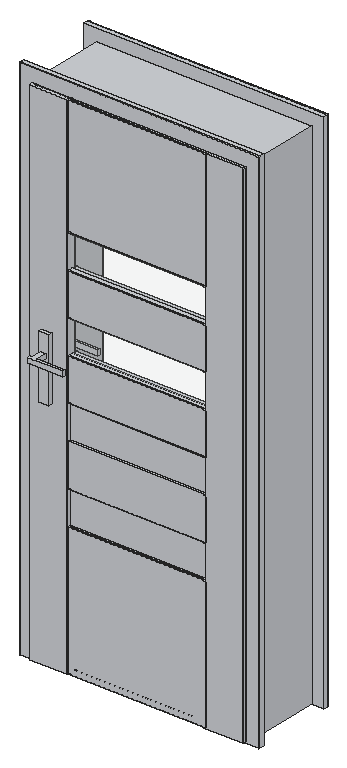
Revit family "porta_koncept_H2_osc_ps", category Drzwi, Revit 2016
Family settings
  Obiekt nadrzędny = Ściana
  Zawsze pionowo = Tak
  Tnij formami wycięć po wczytaniu = Nie
  Współdzielony = Nie
  Punkt obliczania pomieszczeń = Nie
Parameters (values of type "PN 80")
  Zakres szerokości muru [instance] = if(and(Grubość ściany > 94 mm, Grubość ściany < 120 mm), "B", (if(and(Grubość ściany > 119 mm, Grubość ściany < 140 mm), "C", (if(and(Grubość ściany > 139 mm, Grubość ściany < 160 mm), "D", (if(and(Grubość ściany > 159 mm, Grubość ściany < 180 mm), "E", (if(and(Grubość ściany > 179 mm, Grubość ściany < 200 mm), "F", (if(and(Grubość ściany > 199 mm, Grubość ściany < 220 mm), "G", (if(and(Grubość ściany > 219 mm, Grubość ściany < 240 mm), "H", (if(and(Grubość ściany > 239 mm, Grubość ściany < 260 mm), "I", (if(and(Grubość ściany > 259 mm, Grubość ściany < 280 mm), "J", (if(and(Grubość ściany > 279 mm, Grubość ściany < 301 mm), "K", "BRAK")))))))))))))))))))  # "K"
  Wysokość brutto = 2060 mm
  Szerokość brutto = 880 mm
  Model = "Koncept H2"
  Konstrukcja analityczna = "<Brak>"
  Grubość ściany [instance] = 300 mm
  Funkcja = Wewnętrzna
  URL = "www.porta.com.pl"
  Ss = 844 mm
  Sb = 846 mm
  Producent = "PORTA KMI POLAND"
  Keynote = ""
  Description = ""
  Wysokość = 2016 mm
  Zakończenie ściany = Wg obiektu nadrzędnego
  Szerokość = 800 mm
  Materiał_skrzydło [instance] = none
  Materiał_ościeżnica [instance] = none
  Materiał_klamka [instance] = none
  Informacja = "Własność Porta KMI Poland, wszelkie prawa zastrzeżone."  # constant formula
  Hs = 2030 mm
Types (6, lengths in mm): name | Szerokość brutto | Ss | Sb | Description | Szerokość
  PN 70 | 780 | 744 | 746 | "Biblioteki CAD produktów firmy PORTA KMI POLAND wraz z ich wizualizacjami są chronione prawami własności przemysłowej i intelektualnej. Można je wykorzystywać do handlowych celów osobistych poprzez zastosowanie w projektach, jednak nie wolno ich powielać, modyfikować, licencjonować ani publikować, w całości ani w części, chyba że celem przeglądania, bez uprzedniej pisemnej zgody PORTA KMI Poland. www.porta.com.pl" | 700
  PN 60 | 680 | 644 | 646 | "Biblioteki CAD produktów firmy PORTA KMI POLAND wraz z ich wizualizacjami są chronione prawami własności przemysłowej i intelektualnej. Można je wykorzystywać do handlowych celów osobistych poprzez zastosowanie w projektach, jednak nie wolno ich powielać, modyfikować, licencjonować ani publikować, w całości ani w części, chyba że celem przeglądania, bez uprzedniej pisemnej zgody PORTA KMI Poland. www.porta.com.pl" | 600
  PN 80 | 880 | 844 | 846 | "" | 800
  PN 90 | 980 | 944 | 946 | "Biblioteki CAD produktów firmy PORTA KMI POLAND wraz z ich wizualizacjami są chronione prawami własności przemysłowej i intelektualnej. Można je wykorzystywać do handlowych celów osobistych poprzez zastosowanie w projektach, jednak nie wolno ich powielać, modyfikować, licencjonować ani publikować, w całości ani w części, chyba że celem przeglądania, bez uprzedniej pisemnej zgody PORTA KMI Poland. www.porta.com.pl" | 900
  PN 100 | 1080 | 1044 | 1046 | "Biblioteki CAD produktów firmy PORTA KMI POLAND wraz z ich wizualizacjami są chronione prawami własności przemysłowej i intelektualnej. Można je wykorzystywać do handlowych celów osobistych poprzez zastosowanie w projektach, jednak nie wolno ich powielać, modyfikować, licencjonować ani publikować, w całości ani w części, chyba że celem przeglądania, bez uprzedniej pisemnej zgody PORTA KMI Poland. www.porta.com.pl" | 1000
  PN 110 | 1180 | 1144 | 1146 | "Biblioteki CAD produktów firmy PORTA KMI POLAND wraz z ich wizualizacjami są chronione prawami własności przemysłowej i intelektualnej. Można je wykorzystywać do handlowych celów osobistych poprzez zastosowanie w projektach, jednak nie wolno ich powielać, modyfikować, licencjonować ani publikować, w całości ani w części, chyba że celem przeglądania, bez uprzedniej pisemnej zgody PORTA KMI Poland. www.porta.com.pl" | 1100
Reference planes
  plane 1: y = 0
  plane 2 "Środek (Lewa/Prawa)": x = 0
  plane 3 "Lewy": x = -440
  plane 4 "Prawy": x = 440
  plane 5: z = 2060
  plane 6 "Zewnętrzna": y = 150
  plane 7 "Wewnętrzna": y = -150
  plane 8 "skrzydło": y = -144.5
Forms (mm)
  Sweep 1, solid, material <- "Materiał_ościeżnica"
    path in 3D
      loop
        line (-440, -150, 0) -> (-440, -150, 2060) -> (440, -150, 2060) -> (440, -150, 0)
    profile origin (-440, -150, 1030) x (0, -1, 0) y (1, 0, 0)
      loop
        line (-10, 39) -> (-72, 39) -> (-72, 17) -> (0, 17) -> (0, -33) -> (16, -33)
        arc (16, -33) -> (18.121, -32.121) -> (19, -30) r 3
        line (19, -30) -> (19, 24)
        arc (19, 24) -> (18.121, 26.121) -> (16, 27) r 3
        line (16, 27) -> (-10, 27) -> (-10, 39)
  Sweep 2, solid, material <- "Materiał_ościeżnica"
    path in 3D
      loop
        line (440, 150, 0) -> (440, 150, 2060) -> (-440, 150, 2060) -> (-440, 150, 0)
    profile origin (-440, 150, 1030) x (1, 0, 0) y (0, 1, 0)
      loop
        line (-33, 0) -> (17, 0) -> (17, -228) -> (39, -228) -> (39, -1)
        arc (39, -1) -> (37.536, 2.536) -> (34, 4) r 5
        line (34, 4) -> (25, 4) -> (25, 16)
        arc (25, 16) -> (24.121, 18.121) -> (22, 19) r 3
        line (22, 19) -> (-30, 19)
        arc (-30, 19) -> (-32.121, 18.121) -> (-33, 16) r 3
        line (-33, 16) -> (-33, 0)
  Sweep 3, solid, not visible
    path in 3D
      loop
        line (-440, -150, 0) -> (-440, -150, 2060)
    profile origin (-440, -150, 1030) x (0, -1, 0) y (1, 0, 0)
      loop
        line (-151, 17) -> (-149, 17) -> (-149, 19) -> (-151, 19) -> (-151, 17)
Cuts and joins
  joined: Sweep 1, Sweep 2
Lines and regions (mm)
  Opening 1
    outline origin (-3050, -150, 0) x (1, 0, 0) y (0, 0, 1)
      loop
        line (2610, 0) -> (3490, 0) -> (3490, 2060) -> (2610, 2060) -> (2610, 0)
  sketch lines
    curve 1: line (-440, -150, 0) -> (-440, -150, 2060)
    curve 2: line (-440, -150, 2060) -> (440, -150, 2060)
    curve 3: line (440, -150, 2060) -> (440, -150, 0)
    curve 4: line (-440, 150, 2060) -> (-440, 150, 0)
    curve 5: line (440, 150, 2060) -> (-440, 150, 2060)
    curve 6: line (440, 150, 0) -> (440, 150, 2060)
    curve 12: line (-440, -150, 0) -> (-440, -150, 2060)
  symbolic lines, style "DoorsPanelProjection"
    curve 7: line (422, -150, 0) -> (422, -994, 0)
    curve 8: line (422, -994, 0) -> (382, -994, 0)
    curve 9: line (382, -994, 0) -> (382, -150, 0)
    curve 10: line (382, -150, 0) -> (422, -150, 0)
  symbolic lines, style "Ugięcie rzutu"
    curve 11: arc (-422, -150, 0) -> (-174.798, -746.798, 0) -> (422, -994, 0) r 844
Text (mm)
  text "Zewnętrzna" at (-2295.016, 1099.543, 0), in view "Poziom odniesienia"
  text "Zewnętrzna" at (0, 1615.38, 3698.081), in view "Lewy"
  text "Zewnętrzna" at (0, 1036.032, 3874.932), in view "Prawy"
Dimensions and locks
  equal spacing: plane 3 "Lewy", plane 2 "Środek (Lewa/Prawa)", plane 4 "Prawy"
  "Szerokość brutto": plane 3 "Lewy" to plane 4 "Prawy"
  "Wysokość brutto": plane 5 to host wall
  host wall to plane 5 = 2060 mm  (x2)
  locked: plane 6 "Zewnętrzna" to host wall at 0
  locked: plane 7 "Wewnętrzna" to host wall
  "Sb": Sweep 1 to Sweep 1
  locked: Sweep 1 sketch curve to Sweep 1 sketch curve at 22
  Sweep 1 sketch curve to Sweep 1 sketch curve = 50 mm
  locked: Sweep 1 sketch curve to profile plane at 72
  locked: Sweep 2 sketch curve to Sweep 2 sketch curve at 50
  locked: Sweep 2 sketch curve to Sweep 2 sketch curve at 22
  locked: Sweep 2 sketch curve to plane 6 "Zewnętrzna" at 1
  locked: curve 9 to curve 7 at 40
  "Ss": curve 8 to curve 10
  equal spacing: curve 11, plane 2 "Środek (Lewa/Prawa)", curve 7
  locked: plane 7 "Wewnętrzna" to plane 8 "skrzydło" at 5.5
  locked: host wall to Sweep 3 sketch curve at 1
  locked: Sweep 3 sketch curve to host wall at 1
  locked: Sweep 3 sketch curve to plane 6 "Zewnętrzna" at 151
  locked: plane 7 "Wewnętrzna" to Sweep 3 sketch curve at 151
  equal spacing: nested 1, plane 2 "Środek (Lewa/Prawa)", nested 1
  locked: nested 1 to level at 8
  "Grubość ściany": host wall to host wall
  aligned and locked: plane 3 "Lewy" to Opening 1 sketch curve
  aligned and locked: plane 5 to Opening 1 sketch curve  (x2)
  aligned and locked: Opening 1 sketch curve to plane 4 "Prawy"
  aligned and locked: Opening 1 sketch curve to level
  aligned and locked: plane 1 to host wall
  aligned and locked: Sweep 1 to Sweep 2 sketch curve
  aligned and locked: plane 7 "Wewnętrzna" to curve 10
  aligned and locked: Sweep 3 sketch curve to cut or joined group of Sweep 1, Sweep 2
  aligned and locked: Sweep 2 sketch curve to cut or joined group of Sweep 1, Sweep 2
  aligned and locked: nested 1 to plane 8 "skrzydło"
Automatic sketch dimensions
  profile plane to Sweep 1 sketch curve = 10 mm
  Sweep 1 sketch curve to profile plane = 16 mm  (x2)
  Sweep 1 sketch curve to Sweep 1 sketch curve = 3 mm
  profile plane to Sweep 1 sketch curve = 17 mm
  Sweep 1 sketch curve to Sweep 1 sketch curve = 7 mm
  Sweep 1 sketch curve to profile plane = 0 mm
  Sweep 2 sketch curve to profile plane = 0 mm
  Sweep 2 sketch curve to profile plane = 16 mm
  Sweep 2 sketch curve to Sweep 2 sketch curve = 3 mm
  Sweep 2 sketch curve to Sweep 2 sketch curve = 5 mm
  Sweep 2 sketch curve to profile plane = 4 mm
  Sweep 2 sketch curve to Sweep 2 sketch curve = 8 mm
  curve 11 to host wall = 0 mm
  Sweep 3 sketch curve to Sweep 3 sketch curve = 2 mm
Nested families
  nested 1: "skrzydło" at (0, -151, 0), Materiał_klamka <- "Materiał_klamka", Materiał_skrzydło <- "Materiał_skrzydło", type "skrzydło"
    with Materiał_skrzydło none, Materiał_klamka none
Definition of nested family "skrzydło"
  Parameters
    Ss = 844 mm
    Materiał_skrzydło [instance] = none
    Materiał_klamka [instance] = none
    Hs = 2030 mm
  Reference planes
    plane 1 "Tył": y = 6.5
    plane 2: z = 0
    plane 3 "Środek (Lewa/Prawa)": x = 0
    plane 4 "Lewa": x = -422
    plane 5 "Prawa": x = 422
    plane 6 "Przód": y = -33.5
    plane 7: z = 2038
    plane 8 "Centrum": y = -13.5
    plane 9: x = -409
    plane 10: z = 8
    plane 11: x = 409
    plane 12: x = -272
    plane 13: x = 272
    plane 14: z = 2025
  Forms (mm)
    Extrusion 1, solid, material <- "Materiał_skrzydło"
      sketch origin (-1191.728, -1524, 8) x (-1, 0, 0) y (0, -1, 0)
        loop
          line (-1465.378, -1490.5) -> (-1612.078, -1490.5)
          arc (-1612.078, -1490.5) -> (-1613.244, -1490.983) -> (-1613.728, -1492.15) r 1.65
          line (-1613.728, -1492.15) -> (-1613.728, -1501.85)
          arc (-1613.728, -1501.85) -> (-1613.244, -1503.017) -> (-1612.078, -1503.5) r 1.65
          line (-1612.078, -1503.5) -> (-1602.078, -1503.5)
          arc (-1602.078, -1503.5) -> (-1601.123, -1503.895) -> (-1600.728, -1504.85) r 1.35
          line (-1600.728, -1504.85) -> (-1600.728, -1528.85)
          arc (-1600.728, -1528.85) -> (-1600.244, -1530.017) -> (-1599.078, -1530.5) r 1.65
          line (-1599.078, -1530.5) -> (-1465.378, -1530.5)
          arc (-1465.378, -1530.5) -> (-1464.211, -1530.017) -> (-1463.728, -1528.85) r 1.65
          line (-1463.728, -1528.85) -> (-1463.728, -1492.15)
          arc (-1463.728, -1492.15) -> (-1464.211, -1490.983) -> (-1465.378, -1490.5) r 1.65
      from 0 to 2030
    Extrusion 2, void
      sketch origin (0, 0, 0) x (0, -1, 0) y (0, 0, 1)
        loop
          line (-6.5, 2025) -> (20.5, 2025) -> (20.5, 2038) -> (-6.5, 2038) -> (-6.5, 2025)
      from -422 to 422
    Extrusion 3, solid, material <- "Materiał_skrzydło"
      sketch origin (0, 0, 0) x (0, 1, 0) y (0, 0, 1)
        loop
          line (4, 1568.15) -> (4, 2023.35)
          arc (4, 2023.35) -> (3.517, 2024.517) -> (2.35, 2025) r 1.65
          line (2.35, 2025) -> (-19.15, 2025)
          arc (-19.15, 2025) -> (-20.105, 2025.395) -> (-20.5, 2026.35) r 1.35
          line (-20.5, 2026.35) -> (-20.5, 2036.35)
          arc (-20.5, 2036.35) -> (-20.983, 2037.517) -> (-22.15, 2038) r 1.65
          line (-22.15, 2038) -> (-29.35, 2038)
          arc (-29.35, 2038) -> (-30.517, 2037.517) -> (-31, 2036.35) r 1.65
          line (-31, 2036.35) -> (-31, 1568.15)
          arc (-31, 1568.15) -> (-30.517, 1566.983) -> (-29.35, 1566.5) r 1.65
          line (-29.35, 1566.5) -> (2.35, 1566.5)
          arc (2.35, 1566.5) -> (3.517, 1566.983) -> (4, 1568.15) r 1.65
        loop
          line (2.35, 529.5) -> (-29.35, 529.5)
          arc (-29.35, 529.5) -> (-30.517, 529.017) -> (-31, 527.85) r 1.65
          line (-31, 527.85) -> (-31, 9.65)
          arc (-31, 9.65) -> (-30.517, 8.483) -> (-29.35, 8) r 1.65
          line (-29.35, 8) -> (-25, 8)
          arc (-25, 8) -> (-23.833, 8.483) -> (-23.35, 9.65) r 1.65
          arc (-23.35, 9.65) -> (-22.955, 10.605) -> (-22, 11) r 1.35
          line (-22, 11) -> (-5, 11)
          arc (-5, 11) -> (-4.045, 10.605) -> (-3.65, 9.65) r 1.35
          arc (-3.65, 9.65) -> (-3.167, 8.483) -> (-2, 8) r 1.65
          line (-2, 8) -> (2.35, 8)
          arc (2.35, 8) -> (3.517, 8.483) -> (4, 9.65) r 1.65
          line (4, 9.65) -> (4, 527.85)
          arc (4, 527.85) -> (3.517, 529.017) -> (2.35, 529.5) r 1.65
        loop
          line (2.35, 831.25) -> (-29.35, 831.25)
          arc (-29.35, 831.25) -> (-30.517, 830.767) -> (-31, 829.6) r 1.65
          line (-31, 829.6) -> (-31, 662.9)
          arc (-31, 662.9) -> (-30.517, 661.733) -> (-29.35, 661.25) r 1.65
          line (-29.35, 661.25) -> (2.35, 661.25)
          arc (2.35, 661.25) -> (3.517, 661.733) -> (4, 662.9) r 1.65
          line (4, 662.9) -> (4, 829.6)
          arc (4, 829.6) -> (3.517, 830.767) -> (2.35, 831.25) r 1.65
        loop
          line (2.35, 1133) -> (-29.35, 1133)
          arc (-29.35, 1133) -> (-30.517, 1132.517) -> (-31, 1131.35) r 1.65
          line (-31, 1131.35) -> (-31, 964.65)
          arc (-31, 964.65) -> (-30.517, 963.483) -> (-29.35, 963) r 1.65
          line (-29.35, 963) -> (2.35, 963)
          arc (2.35, 963) -> (3.517, 963.483) -> (4, 964.65) r 1.65
          line (4, 964.65) -> (4, 1131.35)
          arc (4, 1131.35) -> (3.517, 1132.517) -> (2.35, 1133) r 1.65
        loop
          line (2.35, 1434.75) -> (-29.35, 1434.75)
          arc (-29.35, 1434.75) -> (-30.517, 1434.267) -> (-31, 1433.1) r 1.65
          line (-31, 1433.1) -> (-31, 1266.4)
          arc (-31, 1266.4) -> (-30.517, 1265.233) -> (-29.35, 1264.75) r 1.65
          line (-29.35, 1264.75) -> (2.35, 1264.75)
          arc (2.35, 1264.75) -> (3.517, 1265.233) -> (4, 1266.4) r 1.65
          line (4, 1266.4) -> (4, 1433.1)
          arc (4, 1433.1) -> (3.517, 1434.267) -> (2.35, 1434.75) r 1.65
      from -272 to 272
    Extrusion 4, solid
      sketch origin (-892.016, -13.5, 1200) x (-1, 0, 0) y (0, 0, 1)
        loop
          line (-620.016, 366.5) -> (-1164.016, 366.5) -> (-1164.016, 234.75) -> (-620.016, 234.75) -> (-620.016, 366.5)
      from -2 to 2
    Extrusion 5, solid
      sketch origin (-892.016, -13.5, 1200) x (-1, 0, 0) y (0, 0, 1)
        loop
          line (-620.016, -67) -> (-620.016, 64.75) -> (-1164.016, 64.75) -> (-1164.016, -67) -> (-620.016, -67)
      from -2 to 2
    Extrusion 6, solid, material <- "Materiał_skrzydło"
      sketch origin (-892.016, -13.5, 1200) x (-1, 0, 0) y (0, 0, 1)
        loop
          line (-620.016, -237) -> (-1164.016, -237) -> (-1164.016, -368.75) -> (-620.016, -368.75) -> (-620.016, -237)
      from -6 to 6
    Extrusion 7, solid, material <- "Materiał_skrzydło"
      sketch origin (-892.016, -13.5, 1200) x (-1, 0, 0) y (0, 0, 1)
        loop
          line (-620.016, -538.75) -> (-1164.016, -538.75) -> (-1164.016, -670.5) -> (-620.016, -670.5) -> (-620.016, -538.75)
      from -6 to 6
    Extrusion 8, solid, material <- "Materiał_skrzydło"
      sketch origin (-1191.728, -1524, 8) x (-1, 0, 0) y (0, -1, 0)
        loop
          arc (-918.078, -1490.5) -> (-919.244, -1490.983) -> (-919.728, -1492.15) r 1.65
          line (-919.728, -1492.15) -> (-919.728, -1528.85)
          arc (-919.728, -1528.85) -> (-919.244, -1530.017) -> (-918.078, -1530.5) r 1.65
          line (-918.078, -1530.5) -> (-784.378, -1530.5)
          arc (-784.378, -1530.5) -> (-783.211, -1530.017) -> (-782.728, -1528.85) r 1.65
          line (-782.728, -1528.85) -> (-782.728, -1504.85)
          arc (-782.728, -1504.85) -> (-782.332, -1503.895) -> (-781.378, -1503.5) r 1.35
          line (-781.378, -1503.5) -> (-771.378, -1503.5)
          arc (-771.378, -1503.5) -> (-770.211, -1503.017) -> (-769.728, -1501.85) r 1.65
          line (-769.728, -1501.85) -> (-769.728, -1492.15)
          arc (-769.728, -1492.15) -> (-770.211, -1490.983) -> (-771.378, -1490.5) r 1.65
          line (-771.378, -1490.5) -> (-918.078, -1490.5)
      from 0 to 2030
  Cuts and joins
    Extrusion 2 cuts Extrusion 1
    Extrusion 2 cuts Extrusion 8
  Dimensions and locks
    equal spacing: plane 4 "Lewa", plane 3 "Środek (Lewa/Prawa)", plane 5 "Prawa"
    "Ss": plane 4 "Lewa" to plane 5 "Prawa"
    locked: plane 4 "Lewa" to plane 9 at 13
    locked: plane 10 to level at 8
    "Hs": plane 7 to plane 10
    locked: plane 5 "Prawa" to plane 11 at 13
    locked: plane 9 to nested 1 at 35
    locked: nested 1 to plane 10 at 934
    locked: plane 10 to nested 2 at 934
    equal spacing: plane 6 "Przód", plane 8 "Centrum", plane 1 "Tył"
    locked: plane 7 to plane 14 at 13
    locked: plane 12 to plane 4 "Lewa" at 150
    locked: plane 5 "Prawa" to plane 13 at 150
    locked: plane 1 "Tył" to Extrusion 2 sketch curve at 27
    aligned and locked: nested 1 to plane 6 "Przód"
    aligned and locked: plane 5 "Prawa" to Extrusion 1 sketch curve
    aligned and locked: Extrusion 1 sketch curve to plane 11
    aligned and locked: Extrusion 1 sketch curve to plane 1 "Tył"
    aligned and locked: Extrusion 1 sketch curve to plane 6 "Przód"
    aligned and locked: Extrusion 1 sketch curve to plane 13
    aligned and locked: plane 7 to Extrusion 1
    aligned and locked: Extrusion 2 sketch curve to plane 14
    aligned and locked: Extrusion 2 sketch curve to plane 1 "Tył"
    aligned and locked: plane 7 to Extrusion 2 sketch curve
    aligned and locked: Extrusion 2 to plane 4 "Lewa"
    aligned and locked: plane 5 "Prawa" to Extrusion 2
    aligned and locked: Extrusion 3 to plane 12
    aligned and locked: plane 13 to Extrusion 3
    aligned and locked: plane 12 to Extrusion 4 sketch curve
    aligned and locked: plane 13 to Extrusion 4 sketch curve
    aligned and locked: Extrusion 3 to Extrusion 5 sketch curve  (x2)
    aligned and locked: plane 12 to Extrusion 6 sketch curve
    aligned and locked: plane 13 to Extrusion 6 sketch curve
    aligned and locked: plane 12 to Extrusion 7 sketch curve
    aligned and locked: plane 13 to Extrusion 7 sketch curve
    aligned and locked: plane 4 "Lewa" to Extrusion 8 sketch curve
    aligned and locked: Extrusion 8 sketch curve to plane 12
    aligned and locked: plane 7 to Extrusion 8
    aligned and locked: nested 2 to nested 1
  Automatic sketch dimensions
    Extrusion 1 sketch curve to Extrusion 1 sketch curve = 1.65 mm  (x4)
    Extrusion 1 sketch curve to Extrusion 1 sketch curve = 1.35 mm
    Extrusion 1 sketch curve to Extrusion 1 sketch curve = 10 mm
    plane 1 "Tył" to Extrusion 1 sketch curve = 25.65 mm
    Extrusion 3 sketch curve to plane 7 = 0 mm
    Extrusion 3 sketch curve to plane 10 = 0 mm  (x2)
    Extrusion 3 sketch curve to plane 14 = 0 mm
    plane 6 "Przód" to Extrusion 3 sketch curve = 2.5 mm  (x5)
    plane 10 to Extrusion 3 sketch curve = 1.65 mm  (x3)
    Extrusion 3 sketch curve to Extrusion 3 sketch curve = 1.65 mm  (x15)
    Extrusion 3 sketch curve to Extrusion 3 sketch curve = 4.35 mm
    Extrusion 3 sketch curve to Extrusion 3 sketch curve = 0 mm  (x2)
    Extrusion 3 sketch curve to Extrusion 3 sketch curve = 7.2 mm
    Extrusion 3 sketch curve to Extrusion 3 sketch curve = 1.35 mm  (x2)
    plane 8 "Centrum" to Extrusion 3 sketch curve = 8.5 mm
    plane 1 "Tył" to Extrusion 3 sketch curve = 4.15 mm  (x9)
    Extrusion 3 sketch curve to plane 14 = 1.65 mm
    Extrusion 3 sketch curve to Extrusion 3 sketch curve = 516.85 mm
    Extrusion 3 sketch curve to Extrusion 3 sketch curve = 131.75 mm  (x4)
    Extrusion 3 sketch curve to Extrusion 3 sketch curve = 166.7 mm  (x3)
    Extrusion 4 sketch curve to Extrusion 4 sketch curve = 131.75 mm
    Extrusion 4 sketch curve to plane 7 = 471.5 mm
    Extrusion 5 sketch curve to plane 7 = 773.25 mm
    Extrusion 5 sketch curve to Extrusion 5 sketch curve = 131.75 mm
    plane 10 to Extrusion 6 sketch curve = 823.25 mm
    Extrusion 6 sketch curve to Extrusion 6 sketch curve = 131.75 mm
    plane 10 to Extrusion 7 sketch curve = 521.5 mm
    Extrusion 7 sketch curve to Extrusion 7 sketch curve = 131.75 mm
    Extrusion 8 sketch curve to Extrusion 8 sketch curve = 1.65 mm  (x4)
    Extrusion 8 sketch curve to Extrusion 8 sketch curve = 1.35 mm
    Extrusion 8 sketch curve to Extrusion 8 sketch curve = 10 mm
    Extrusion 8 sketch curve to Extrusion 8 sketch curve = 0 mm
    plane 6 "Przód" to Extrusion 8 sketch curve = 40 mm
    Extrusion 8 sketch curve to Extrusion 8 sketch curve = 24 mm
    Extrusion 8 sketch curve to Extrusion 8 sketch curve = 9.7 mm
  Nested families
    nested 1: "KLAMKA" at (-354, -33.5, 1067), Materiał klamki <- "Materiał_klamka", type "KLAMKA"
      with Materiał klamki none
    nested 2: "KLAMKA" at (-354, 6.5, 1067), Materiał klamki <- "Materiał_klamka", type "KLAMKA"
      with Materiał klamki none
  Definition of nested family "KLAMKA"
    Parameters
      Materiał klamki [instance] = none
      Assembly Code = ""
      Default Elevation = 1219.2 mm
    Reference planes
      plane 1 "Center (Front/Back)": y = 0
      plane 2: z = 0
      plane 3 "Center (Left/Right)": x = 0
      plane 4: z = 125
      plane 5: z = -125
      plane 6: x = 20
      plane 7: x = -20
      plane 8: y = -70
      plane 9: y = -60
      plane 10: x = 10
      plane 11: x = -10
      plane 12: x = 120
      plane 13: z = 35
      plane 14: z = 55
      plane 15: y = -15
    Forms (mm)
      Extrusion 1, solid, material <- "Materiał klamki"
        sketch origin (0, 0, 0) x (1, 0, 0) y (0, 0, 1)
          loop
            line (-20, 125) -> (-20, -125) -> (20, -125) -> (20, 125) -> (-20, 125)
        from 0 to 15
      Extrusion 2, solid, material <- "Materiał klamki"
        sketch origin (0, 0, 0) x (1, 0, 0) y (0, 1, 0)
          loop
            line (-10, -15) -> (-10, -60) -> (-20, -60) -> (-20, -70) -> (120, -70) -> (120, -60) -> (10, -60) -> (10, -15) -> (-10, -15)
        from 35 to 55
    Dimensions and locks
      equal spacing: plane 4, plane 2, plane 5
      plane 4 to plane 5 = 250 mm
      equal spacing: plane 7, plane 3 "Center (Left/Right)", plane 6
      plane 7 to plane 6 = 40 mm
      plane 8 to plane 1 "Center (Front/Back)" = 70 mm
      plane 11 to plane 3 "Center (Left/Right)" to plane 10 = 10 mm locked, 10 mm locked
      plane 7 to plane 12 = 140 mm
      plane 15 to plane 1 "Center (Front/Back)" = 15 mm
      aligned and locked: plane 7 to Extrusion 1 sketch curve
      aligned and locked: Extrusion 1 sketch curve to plane 4
      aligned and locked: plane 5 to Extrusion 1 sketch curve
      aligned and locked: Extrusion 1 sketch curve to plane 6
      aligned and locked: plane 15 to Extrusion 1
      aligned and locked: Extrusion 1 to plane 1 "Center (Front/Back)"
      aligned and locked: plane 14 to Extrusion 2
      aligned and locked: Extrusion 2 to plane 13
    Automatic sketch dimensions
      Extrusion 2 sketch curve to plane 7 = 0 mm
      Extrusion 2 sketch curve to plane 9 = 0 mm  (x2)
      Extrusion 2 sketch curve to plane 11 = 0 mm
      Extrusion 2 sketch curve to plane 10 = 0 mm
      Extrusion 2 sketch curve to plane 12 = 0 mm
      Extrusion 2 sketch curve to plane 8 = 0 mm
      Extrusion 2 sketch curve to plane 15 = 0 mm
